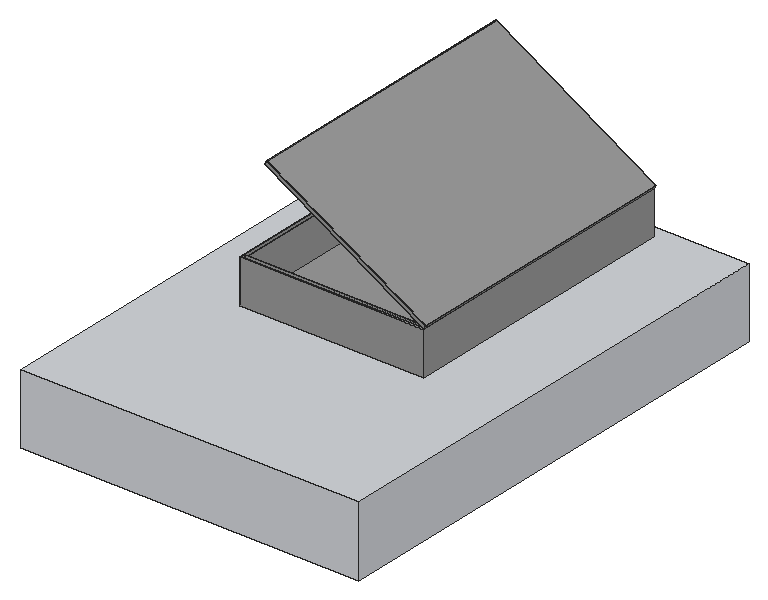
Revit family "Hager-Univers-IP54-D205-H1250-Cl.II-Encl-AT-de", category Equipement électrique, Revit 2020
Family settings
  Hôte = Face
  Configuration du panneau = Deux colonnes, circuits au sein
  Cote de connecteur circulaire = Utiliser le diamètre
  Type d'élément = Tableau de raccordement
  Couper avec des vides une fois chargée = Non
  Partagée = Non
  Point de calcul de pièce = Non
Parameters (values of type "Aufputz IP54 B800 H1250 T205  - FP83SW2")
  Width Control [instance] = if([EF000008 - Breite] > Min Width, [EF000008 - Breite], Min Width)  # 800 mm
  Commentaires du type = [HG000003 - Bereich]  # "Univers"
  Thickness Door [instance] = if([EF009171 - Materialstärke Tür/Deckel] > 3 mm, 3 mm, [EF009171 - Materialstärke Tür/Deckel])  # 1 mm
  Seal Frame Offset [instance] = 17 mm  # constant formula
  Plinth Visibility [instance] = [HG000027 - Sockelhöhe] > 0 mm  # no
  Model = ""
  Min Width [instance] = 100 mm  # constant formula
  Min Height [instance] = 100 mm  # constant formula
  Min Depth [instance] = (2 * [EF009170 - Materialstärke Gehäuse]) + 1 mm  # 3 mm
  Internal Frame Depth [instance] = (Door System Depth * 0.5)  # 9 mm
  Height Control [instance] = if([EF000040 - Höhe] > Min Height, [EF000040 - Höhe], Min Height)  # 1250 mm
  HG000027 - Sockelhöhe = 0 mm
  HG000026 - Stehend auf dem Boden = no
  HG000024 - Höhe des unteren Teils = 800 mm
  HG000023 - Gehäuse mit doppeltem Querschnitt = no
  HG000016 - 3D-Türsichtbarkeit [instance] = yes
  HG000015 - Sichtbarkeit der Türöffnung [instance] = no
  HG000014 - Tür rechts [instance] = yes
  HG000013 - Tür links [instance] = not([HG000014 - Tür rechts])  # no
  HG000012 - Türschwenkwinkel [instance] = 30.00°
  HG000010 - Asymmetrische Türen = no
  HG000009 - Doppelflügeligen Tür = no
  HG000006 - Unterputz = no
  HG000004 - Herstellerreferenz = "FP83SW2"
  HG000003 - Bereich = "Univers"
  HG000002 - Mit tür = yes
  Frame Offset Bottom [instance] = 10 mm  # constant formula
  Frame Offset [instance] = 15 mm  # constant formula
  EF015940 - Deckel mit Überdruckentlastung = no
  EF011959 - Schutzart (NEMA) = ""
  EF009554 - Anzahl der Öffnungen für Flanschplatten = 6
  Fabricant = "Hager"  # constant formula
  EF009212 - Ausführung Deckel = "EV000116 - geschlossen"
  EF009171 - Materialstärke Tür/Deckel = 1 mm
  EF009170 - Materialstärke Gehäuse = 1 mm
  EF008873 - Nennstrom (In) = 250 A
  EF007800 - Geeignet für Blitzschutz = no
  EF006306 - Mit Schloss = no
  EF006244 - Transparenter Deckel/Tür = no
  EF005474 - Schutzart (IP) = "EV006419 - IP54"
  EF004464 - Art der Tür = "EV002646 - Einzel"
  EF004427 - Anzahl der Module = 288
  EF004293 - Schlagfestigkeit = "EV006813 - IK07"
  EF003532 - Geeignet für Außengebrauch = no
  EF002950 - Breite in Teilungseinheiten = 36
  EF001613 - Funktionserhalt = "EV000494 - ohne"
  EF001596 - Werkstoff des Gehäuses = "EV000179 - Stahl"
  EF001131 - Innentiefe = 130 mm
  EF001088 - Anbaumöglichkeit = yes
  EF000437 - Anzahl der Leitungseinführungen = 6
  EF000339 - Art der Abdeckung = "EV004216 - Tür"
  EF000266 - Anzahl der Reihen = 8
  EF000218 - Einbautiefe = 205 mm
  EF000118 - Mit Montageplatte = no
  EF000116 - RAL-Nummer = "9010"
  EF000049 - Tiefe = 205 mm
  EF000040 - Höhe = 1250 mm
  EF000008 - Breite = 800 mm
  EF000007 - Farbe = "EV000202 - weiß"
  EF000003 - Montageart = "EV000384 - Aufputz"
  Door System Leaf Tolerance [instance] = 1.5 mm  # constant formula
  Door System Depth [instance] = 18 mm  # constant formula
  Door Height [instance] = Height Control - [HG000027 - Sockelhöhe]  # 1250 mm
  Depth Control [instance] = if([EF000049 - Tiefe] > Min Depth, [EF000049 - Tiefe], Min Depth)  # 205 mm
  Default Elevation = 0 mm
  Connector Offset [instance] = Height Control / 2  # 625 mm
  Bottom Top Plate Trim [instance] = 1.5 mm  # constant formula
  Plinth height Ctrl [instance] = if([HG000027 - Sockelhöhe] > 0 mm, [HG000027 - Sockelhöhe], 12 mm)  # 12 mm
Types (5, lengths in mm): name | Width Control | HG000010 - Asymmetrische Türen | HG000009 - Doppelflügeligen Tür | HG000004 - Herstellerreferenz | EF009554 - Anzahl der Öffnungen für Flanschplatten | EF004464 - Art der Tür | EF004427 - Anzahl der Module | EF004293 - Schlagfestigkeit | EF002950 - Breite in Teilungseinheiten | EF000437 - Anzahl der Leitungseinführungen | EF000008 - Breite
  Aufputz IP54 B1050 H1250 T205  - FP84SW2 | 1050 | no | yes | "FP84SW2" | 8 | "EV003602 - Doppel" | 384 | "EV006815 - IK09" | 48 | 8 | 1050
  Aufputz IP54 B1300 H1250 T205  - FP85SW2 | 1300 | yes | yes | "FP85SW2" | 10 | "EV003602 - Doppel" | 480 | "EV006815 - IK09" | 60 | 10 | 1300
  Aufputz IP54 B300 H1250 T205  - FP81SW2 | 300 | no | no | "FP81SW2" | 2 | "EV002646 - Einzel" | 96 | "EV006815 - IK09" | 12 | 2 | 300
  Aufputz IP54 B550 H1250 T205  - FP82SW2 | 550 | no | no | "FP82SW2" | 4 | "EV002646 - Einzel" | 192 | "EV006815 - IK09" | 24 | 4 | 550
  Aufputz IP54 B800 H1250 T205  - FP83SW2 | 800 | no | no | "FP83SW2" | 6 | "EV002646 - Einzel" | 288 | "EV006813 - IK07" | 36 | 6 | 800
Reference planes
  plane 1 "Center (Front/Back)": y = 0
  plane 2: z = 0
  plane 3 "Center (Left/Right)": x = 0
  plane 4: z = 205
  plane 5: y = 1
  plane 6: y = 625
  plane 7: y = 0
  plane 8: y = 1250
  plane 9: z = 0
  plane 10: x = -385
  plane 11: x = 385
  plane 12: x = 384
  plane 13: x = -384
  plane 14: y = 1249
  plane 15: x = -383
  plane 16: x = -400
  plane 17: x = 383
  plane 18: x = 400
  plane 19: x = 399
  plane 20: x = -399
  plane 21: y = 11
  plane 22: y = 1250
  plane 23: y = 1234
  plane 24: z = 187
  plane 25: z = 1
  plane 26: z = 186
  plane 27: z = 204
Forms (mm)
  Extrusion 1, solid
    sketch origin (0, 0, 0) x (1, 0, 0) y (0, 1, 0)
      loop
        line (-702.964, 1305) -> (-702.964, -811.445) -> (766.763, -811.445) -> (766.763, 1305) -> (-702.964, 1305)
    from 0 to -304.8
  Extrusion 2, solid, material "Hager_Steel_RAL7035_Light_Grey", visible <- "Plinth Visibility", detail levels medium+fine
    sketch origin (0, 0, 0) x (1, 0, 0) y (0, 1, 0)
      loop
        line (-400, 0) -> (400, 0) -> (400, 12) -> (-400, 12) -> (-400, 0)
    from 0 to 187
  Extrusion 3, solid, material "Hager_Steel_RAL7035_Light_Grey", detail levels medium+fine
    sketch origin (0, 0, 0) x (1, 0, 0) y (0, 1, 0)
      loop
        line (-400, 0) -> (400, 0) -> (400, 1250) -> (-400, 1250) -> (-400, 0)
    from 0 to 187
  Extrusion 4, void
    sketch origin (0, 0, 0) x (1, 0, 0) y (0, 1, 0)
      loop
        line (-399, 1) -> (399, 1) -> (399, 1249) -> (-399, 1249) -> (-399, 1)
    from 1 to 186
  Extrusion 5, void
    sketch origin (-381.607, -4572, 187) x (0, -1, 0) y (-1, 0, 0)
      loop
        line (-4583, 2.393) -> (-5806, 2.393) -> (-5806, -765.607) -> (-4583, -765.607) -> (-4583, 2.393)
    from 0 to 1 <- "EF009170 - Materialstärke Gehäuse"
  Extrusion 6, solid, material "Hager_Steel_RAL7035_Light_Grey", detail levels fine
    sketch origin (0, 0, 187) x (1, 0, 0) y (0, 1, 0)
      loop
        line (-384, 1234) -> (-384, 11) -> (384, 11) -> (384, 1234) -> (-384, 1234)
      loop
        line (-385, 10) -> (385, 10) -> (385, 1235) -> (-385, 1235) -> (-385, 10)
    from 0 to 9 <- "Internal Frame Depth"
  Extrusion 7, solid, material "Hager_Steel_RAL7035_Light_Grey", detail levels coarse
    sketch origin (0, 0, 0) x (1, 0, 0) y (0, 1, 0)
      loop
        line (-400, 0) -> (400, 0) -> (400, 1250) -> (-400, 1250) -> (-400, 0)
    from 0 to 205
  Sweep 8, void
    path in 3D
      loop
        line (-400, 12, 0) -> (400, 12, 0) -> (400, 12, 187) -> (-400, 12, 187) -> (-400, 12, 0)
    profile origin (-400, 12, 93.5) x (-1, 0, 0) y (0, -1, 0)
      loop
        line (0, 0) -> (0, 1.5) -> (-1.5, 1.5)
        arc (-1.5, 1.5) -> (-1.061, 0.439) -> (0, 0) r 1.5
Cuts and joins
  Extrusion 4, Extrusion 5 cuts Extrusion 3
  Sweep 8 cuts Extrusion 2
Lines and regions (mm)
  Masking region 1
    outline origin (0, 0, 0) x (1, 0, 0) y (0, 0, 1)
      loop
        line (-400, 205) -> (-400, 0) -> (400, 0) -> (400, 205) -> (-400, 205)
  Masking region 2, detail levels medium+fine
    outline origin (0, 140, 0) x (0, 1, 0) y (0, 0, 1)
      loop
        line (-140, 0) -> (1110, 0) -> (1110, 187) -> (-140, 187) -> (-140, 0)
  Masking region 3, not visible, detail levels medium+fine
    outline origin (0, 297.922, 0) x (0, 1, 0) y (0, 0, 1)
      loop
        line (338.578, 0) -> (378.578, 0) -> (378.578, 194)
        arc (378.578, 194) -> (375.649, 201.071) -> (368.578, 204) r 10
        line (368.578, 204) -> (338.578, 204) -> (338.578, 0)
  Masking region 4, detail levels coarse
    outline origin (0, 0, 180) x (0, 1, 0) y (0, 0, 1)
      loop
        line (0, -180) -> (1250, -180) -> (1250, 25) -> (0, 25) -> (0, -180)
  Masking region 5, visible <- "Plinth Visibility", detail levels medium+fine
    outline origin (0, 52.24, 12.345) x (0, 0, -1) y (0, 1, 0)
      loop
        line (10.845, -40.24) -> (-173.155, -40.24)
        arc (-173.155, -40.24) -> (-173.594, -41.301) -> (-174.655, -41.74) r 1.5
        line (-174.655, -41.74) -> (-174.655, -52.24) -> (12.345, -52.24) -> (12.345, -41.74)
        arc (12.345, -41.74) -> (11.285, -41.301) -> (10.845, -40.24) r 1.5
  Masking region 6, detail levels medium+fine
    outline origin (-381.607, -4572, 187) x (-1, 0, 0) y (0, -1, 0)
      loop
        line (18.393, -5822) -> (18.393, -4572) -> (-781.607, -4572) -> (-781.607, -5822) -> (18.393, -5822)
  Masking region 7, visible <- "Plinth Visibility", detail levels medium+fine
    outline origin (-381.607, -4727, 187) x (-1, 0, 0) y (0, -1, 0)
      loop
        arc (16.893, -4739) -> (17.332, -4737.939) -> (18.393, -4737.5) r 1.5
        line (18.393, -4737.5) -> (18.393, -4727) -> (-781.607, -4727) -> (-781.607, -4737.5)
        arc (-781.607, -4737.5) -> (-780.546, -4737.939) -> (-780.107, -4739) r 1.5
        line (-780.107, -4739) -> (16.893, -4739)
  Masking region 8, detail levels coarse
    outline origin (-442.548, -4669.526, 187) x (-1, 0, 0) y (0, -1, 0)
      loop
        line (-42.548, -5919.526) -> (-42.548, -4669.526) -> (-842.548, -4669.526) -> (-842.548, -5919.526) -> (-42.548, -5919.526)
  sketch lines
    curve 1: line (-400, 12, 187) -> (-400, 12, 0)
    curve 2: line (400, 12, 187) -> (-400, 12, 187)
    curve 3: line (400, 12, 187) -> (400, 12, 0)
    curve 4: line (-400, 12, 0) -> (400, 12, 0)
Dimensions and locks
  "Depth Control": plane 4 to Extrusion 1
  "HG000027 - Sockelhöhe": plane 1 "Center (Front/Back)" to plane 7
  "EF009170 - Materialstärke Gehäuse": plane 5 to plane 7
  locked: connector elem to plane 3 "Center (Left/Right)"
  equal spacing: plane 8, plane 6, plane 7
  locked: connector elem to plane 6
  "EF009170 - Materialstärke Gehäuse": plane 8 to plane 14
  "EF009170 - Materialstärke Gehäuse": plane 10 to plane 13
  "EF009170 - Materialstärke Gehäuse": plane 12 to plane 11
  "Frame Offset": plane 20 to plane 13
  "Frame Offset": plane 12 to plane 19
  "EF009170 - Materialstärke Gehäuse": plane 16 to plane 20
  "EF009170 - Materialstärke Gehäuse": plane 19 to plane 18
  "Seal Frame Offset": plane 16 to plane 15
  "Seal Frame Offset": plane 17 to plane 18
  "Frame Offset Bottom": plane 21 to plane 5
  "Frame Offset": plane 14 to plane 23
  equal spacing: plane 16, plane 3 "Center (Left/Right)", plane 18
  "Width Control": plane 16 to plane 18
  "EF009170 - Materialstärke Gehäuse": plane 4 to plane 27
  "EF009170 - Materialstärke Gehäuse": plane 24 to plane 26
  "EF009170 - Materialstärke Gehäuse": plane 25 to level
  "Door System Depth": plane 4 to plane 24
  "Height Control": plane 1 "Center (Front/Back)" to Extrusion 7 sketch curve
  "Height Control": Masking region 4 sketch curve to plane 1 "Center (Front/Back)"
  "Height Control": plane 1 "Center (Front/Back)" to plane 22
  "Bottom Top Plate Trim": profile plane to Sweep 8 sketch curve
  "Bottom Top Plate Trim": Sweep 8 sketch curve to profile plane
  "Plinth height Ctrl": plane 1 "Center (Front/Back)" to Extrusion 2 sketch curve
  "Plinth height Ctrl": Masking region 5 sketch curve to plane 1 "Center (Front/Back)"
  "Plinth height Ctrl": plane 1 "Center (Front/Back)" to Masking region 7 sketch curve
  "Thickness Door": Extrusion 6 sketch curve to Extrusion 6 sketch curve  (x3)
  "Thickness Door": cut or joined group of Extrusion 3, Extrusion 4, Extrusion 5 to Extrusion 6 sketch curve
  radius of Masking region 3 sketch curve = 10 mm
  "Bottom Top Plate Trim": radius of Masking region 5 sketch curve  (x2)
  "Bottom Top Plate Trim": radius of Sweep 8 sketch curve
  "Bottom Top Plate Trim": radius of Masking region 7 sketch curve  (x2)
  aligned and locked: plane 2 to Extrusion 1
  aligned and locked: level to Extrusion 1
  aligned and locked: level to Masking region 1 sketch curve
  aligned and locked: Masking region 1 sketch curve to plane 18
  aligned and locked: Masking region 1 sketch curve to plane 16
  aligned and locked: plane 7 to Masking region 2 sketch curve
  aligned and locked: level to Masking region 3 sketch curve
  aligned and locked: Masking region 3 sketch curve to plane 27
  aligned and locked: level to Masking region 2 sketch curve
  aligned and locked: plane 1 "Center (Front/Back)" to Extrusion 2 sketch curve
  aligned and locked: Extrusion 3 sketch curve to plane 7
  aligned and locked: plane 16 to Extrusion 3 sketch curve
  aligned and locked: plane 18 to Extrusion 3 sketch curve
  aligned and locked: plane 20 to Extrusion 4 sketch curve
  aligned and locked: plane 19 to Extrusion 4 sketch curve
  aligned and locked: Extrusion 4 sketch curve to plane 5
  aligned and locked: Extrusion 4 to plane 25
  aligned and locked: plane 26 to Extrusion 4
  aligned and locked: plane 24 to Extrusion 3
  aligned and locked: Extrusion 5 sketch curve to plane 21
  aligned and locked: Extrusion 5 sketch curve to plane 13
  aligned and locked: Extrusion 5 sketch curve to plane 12
  aligned and locked: plane 18 to Extrusion 7 sketch curve
  aligned and locked: plane 1 "Center (Front/Back)" to Extrusion 7 sketch curve
  aligned and locked: plane 16 to Extrusion 7 sketch curve
  aligned and locked: plane 4 to Extrusion 7
  aligned and locked: Extrusion 7 to level
  aligned and locked: level to Masking region 4 sketch curve
  aligned and locked: Masking region 4 sketch curve to plane 1 "Center (Front/Back)"
  aligned and locked: Masking region 4 sketch curve to plane 4
  aligned and locked: nested 1 to level
  aligned and locked: nested 1 to plane 16
  aligned and locked: plane 8 to Extrusion 3 sketch curve
  aligned and locked: plane 23 to Extrusion 5 sketch curve
  aligned and locked: plane 14 to Extrusion 4 sketch curve
  aligned and locked: Masking region 2 sketch curve to plane 8
  aligned and locked: level to Masking region 5 sketch curve
  aligned and locked: plane 16 to Extrusion 2 sketch curve
  aligned and locked: plane 18 to Extrusion 2 sketch curve
  aligned and locked: Masking region 5 sketch curve to plane 24
  aligned and locked: Masking region 2 sketch curve to plane 24
  aligned and locked: plane 24 to Extrusion 2
  aligned and locked: profile plane to Sweep 8 sketch curve  (x2)
  aligned and locked: Masking region 6 sketch curve to plane 18
  aligned and locked: Masking region 6 sketch curve to plane 22
  aligned and locked: Masking region 6 sketch curve to plane 16
  aligned and locked: plane 8 to plane 22
  aligned and locked: Masking region 6 sketch curve to plane 7
  aligned and locked: Masking region 7 sketch curve to plane 16
  aligned and locked: Masking region 7 sketch curve to plane 1 "Center (Front/Back)"
  aligned and locked: Masking region 7 sketch curve to plane 18
  aligned and locked: Masking region 8 sketch curve to plane 1 "Center (Front/Back)"
  aligned and locked: Masking region 8 sketch curve to plane 18
  aligned and locked: Masking region 8 sketch curve to plane 22
  aligned and locked: Masking region 8 sketch curve to plane 16
  aligned and locked: nested 2 to plane 7
  aligned and locked: plane 3 "Center (Left/Right)" to nested 2
  aligned and locked: nested 2 to plane 24
  aligned and locked: Extrusion 6 sketch curve to cut or joined group of Extrusion 3, Extrusion 4, Extrusion 5  (x4)
Automatic sketch dimensions
  Extrusion 1 sketch curve to Extrusion 1 sketch curve = 1469.727 mm
  Extrusion 1 sketch curve to Extrusion 1 sketch curve = 2116.445 mm
  Masking region 1 sketch curve to plane 4 = 0 mm
  plane 6 to Masking region 3 sketch curve = 11.5 mm
  Masking region 3 sketch curve to Masking region 3 sketch curve = 30 mm
  Masking region 5 sketch curve to plane 1 "Center (Front/Back)" = 0 mm
Nested families
  nested 1: "Hager_Enclosure_Symbol" at (-400, 0, 0) x (1, 0, 0) z (0, -1, 0), Height <- "Depth Control", Width <- "Width Control", type "Hager_Enclosure_Symbol"
    with Width_Ctrl 800 mm, Width 800 mm, Height_Ctrl 205 mm, Height 205 mm, A_Width_Int 13.453 mm, A_Width 161.438 mm, A_Height_Ctrl 179.375 mm, A_Height 179.375 mm
  nested 2: "EC000058_Univers_Door" at (0, 0, 187) x (1, 0, 0) z (0, 1, 0), Leaf_Tolerance <- "Door System Leaf Tolerance", Angle <- "HG000012 - Türschwenkwinkel", Door_Depth <- "Door System Depth", Door_Left <- "HG000013 - Tür links", Transparent <- "EF006244 - Transparenter Deckel/Tür", Assymetrical <- "HG000010 - Asymmetrische Türen", Width <- "Width Control", Clearance <- "HG000015 - Sichtbarkeit der Türöffnung", Double <- "HG000009 - Doppelflügeligen Tür", 3d_Door <- "HG000016 - 3D-Türsichtbarkeit", Lock_Visibility <- "EF006306 - Mit Schloss", Width_Ctrl <- "Width Control", Door_Right <- "HG000014 - Tür rechts", Door <- "HG000002 - Mit tür", Height <- "Door Height", Thickness <- "Thickness Door", type "EC000058_Univers_Door", detail levels medium+fine
    with min_wh 3 mm, Width_Ctrl 800 mm, Width 800 mm, Transparent no, Thickness 1 mm, Seal_Material Hager_Rubber, Lock_Visibility no, Lock_Material Hager_Plastic_RAL9005_Jet_Black, Leaf_Width 800 mm, Leaf_Tolerance_External_Sides 0 mm, Leaf_Tolerance 1.5 mm, Leaf_Offset 0 mm, Leaf_Height 1247 mm, Leaf_2_Width 800 mm, Leaf_2_Offset 400 mm, Leaf_1_Width 800 mm, Leaf_1_Offset 400 mm, Height_Ctrl 1250 mm, Height 1250 mm, Glass_Material Hager_Glass, Double_Clearance_Ctrl no, Double no, Door_Right_Ctrl yes, Door_Right yes, Door_Material Hager_Steel_RAL7035_Light_Grey, Door_Left_Ctrl no, Door_Left no, Door_Depth 18 mm, Door yes, Clearance_Material Hager_Clearance, Clearance_Depth 800 mm, Clearance_Ctrl no, Clearance no, Assymetrical no, Angle 30.00°, 3d_Door yes
Connectors
  electrical at (0, 625, 0)
    settings: on plane 9, index 1, voltage 0 V, apparent load 0 VA, apparent load phase1 0 VA, apparent load phase2 0 VA, apparent load phase3 0 VA, power factor 1, load classification "Other", number of poles 1, system type 30, power factor state 1, is connector primary yes, connector utility no, sub classification motor no, connector description ""
Definition of nested family "EC000058_Univers_Door"
  Parameters (values of type "EC000058_Univers_Door")
    min_wh [instance] = (2 * Thickness) + 1 mm  # 11 mm
    Width_Ctrl [instance] = 400 mm
    Width [instance] = 500 mm
    Transparent [instance] = yes
    Thickness [instance] = 5 mm
    Seal_Material [instance] = none
    Lock_Visibility [instance] = yes
    Lock_Material [instance] = none
    Leaf_Width [instance] = if((Width_Ctrl - 2 * Leaf_Tolerance_External_Sides) > 0 mm, (Width_Ctrl - 2 * Leaf_Tolerance_External_Sides), min_wh)  # 400 mm
    Leaf_Tolerance_External_Sides [instance] = 0 mm  # constant formula
    Leaf_Tolerance [instance] = 1.5 mm
    Leaf_Offset [instance] = 0 mm  # constant formula
    Leaf_Height [instance] = if((Height_Ctrl - 2 * Leaf_Tolerance) > 0 mm, (Height_Ctrl - 2 * Leaf_Tolerance), min_wh)  # 497 mm
    Leaf_2_Width [instance] = if(and(and(Double, Assymetrical), Door_Left), (Leaf_Width / 3) - (Leaf_Tolerance / 2), if(and(and(Double, Assymetrical), Door_Right), (Leaf_Width / 3) * 2 - (Leaf_Tolerance / 2), if(and(Double, not(Assymetrical)), (Leaf_Width / 2) - Leaf_Tolerance, Leaf_Width)))  # 400 mm
    Leaf_2_Offset [instance] = if(and(Double, Assymetrical), Leaf_2_Width / 2, if(and(Double, not(Assymetrical)), Leaf_Width / 4, Leaf_Width / 2))  # 200 mm
    Leaf_1_Width [instance] = if(and(and(Double, Assymetrical), Door_Right), (Leaf_Width / 3) - (Leaf_Tolerance / 2), if(and(and(Double, Assymetrical), Door_Left), (Width / 3) * 2 - (Leaf_Tolerance / 2), if(and(Double, not(Assymetrical)), (Leaf_Width / 2) - Leaf_Tolerance, Leaf_Width)))  # 400 mm
    Leaf_1_Offset [instance] = if(and(Double, Assymetrical), Leaf_1_Width / 2, if(and(Double, not(Assymetrical)), Leaf_Width / 4, Leaf_Width / 2))  # 200 mm
    Height_Ctrl [instance] = if(Height > min_wh, Height, min_wh)  # 500 mm
    Height [instance] = 500 mm
    Glass_Material [instance] = none
    Double_Clearance_Ctrl [instance] = and(Double, Clearance)  # no
    Double [instance] = no
    Door_Right_Ctrl [instance] = and(or(Door_Right, Double), Door)  # yes
    Door_Right [instance] = yes
    Door_Material [instance] = none
    Door_Left_Ctrl [instance] = and(or(Door_Left, Double), Door)  # no
    Door_Left [instance] = no
    Door_Depth [instance] = 30 mm
    Door [instance] = yes
    Default Elevation = 1219.2 mm
    Clearance_Material [instance] = none
    Clearance_Depth [instance] = if(Leaf_1_Width > Leaf_2_Width, Leaf_1_Width, Leaf_2_Width)  # 400 mm
    Clearance_Ctrl [instance] = and(not(Double), Clearance)  # yes
    Clearance [instance] = yes
    Assymetrical [instance] = yes
    Angle [instance] = 30.00°
    3d_Door [instance] = yes
  Reference planes
    plane 1 "Center (Front/Back)": y = 0
    plane 2 "Bottom": z = 0
    plane 3 "Center (Left/Right)": x = 0
    plane 4: z = 500
    plane 5: x = -200
    plane 6: x = 200
    plane 7: z = 500
    plane 8: x = -200
    plane 9: z = 0
    plane 10: x = 200
    plane 11: y = 0
    plane 12: z = 1.5
    plane 13: x = -600
    plane 14: y = -400
    plane 15: x = 600
    plane 16: x = 0
    plane 17: x = 0
    plane 18: x = -200
    plane 19: x = 200
    plane 20: z = 498.5
  Forms (mm)
    Extrusion 1, solid, material <- "Clearance_Material", visible <- "Double_Clearance_Ctrl"
      sketch origin (1200, 0, 0) x (1, 0, 0) y (0, 0, -1)
        loop
          line (-1800, -498.5) -> (-600, -498.5) -> (-600, 0) -> (-1800, 0) -> (-1800, -498.5)
      from 0 to -400
  Dimensions and locks
    equal spacing: plane 5, plane 3 "Center (Left/Right)", plane 6
    "Width_Ctrl": plane 5 to plane 6
    "Leaf_Offset": plane 5 to plane 8
    "Leaf_Offset": plane 6 to plane 10
    "Leaf_Offset": plane 9 to level
    "Leaf_Offset": plane 4 to plane 7
    "Height_Ctrl": plane 4 to level
    "Leaf_Tolerance": plane 12 to plane 9
    locked: plane 11 to plane 1 "Center (Front/Back)"
    "Leaf_1_Offset": plane 18 to plane 16
    "Leaf_2_Offset": plane 17 to plane 19
    "Leaf_1_Width": plane 13 to plane 8
    "Leaf_2_Width": plane 10 to plane 15
    "Clearance_Depth": plane 14 to plane 1 "Center (Front/Back)"
    "Leaf_Tolerance_External_Sides": plane 8 to plane 18
    "Leaf_Tolerance_External_Sides": plane 19 to plane 10
    "Leaf_Tolerance": plane 7 to plane 20
    aligned and locked: level to plane 2 "Bottom"
    aligned and locked: nested 1 to plane 16
    aligned and locked: nested 2 to plane 17
    aligned and locked: Extrusion 1 to plane 13
    aligned and locked: plane 15 to Extrusion 1
    aligned and locked: Extrusion 1 to plane 14
    aligned and locked: plane 12 to nested 1
    aligned and locked: nested 2 to plane 12
    aligned and locked: Extrusion 1 to plane 11
    aligned and locked: plane 20 to Extrusion 1
    aligned and locked: nested 2 to plane 11
    aligned and locked: nested 1 to plane 11
  Automatic sketch dimensions
    Extrusion 1 sketch curve to level = 0 mm
    plane 5 to Extrusion 1 sketch curve = 400 mm
    plane 6 to Extrusion 1 sketch curve = 400 mm
    Extrusion 1 sketch curve to plane 4 = 1.5 mm
  Nested families
    nested 1: "EC000058_Univers_Door_Leaf" at (0, 0, 1.5), Width <- "Leaf_1_Width", visible <- "Door_Left_Ctrl", Leaf_Height <- "Leaf_Height", Angle <- "Angle", 3d_Door <- "3d_Door", Transparent <- "Transparent", Clearance Material <- "Clearance_Material", Clearance <- "Clearance_Ctrl", Door_Material <- "Door_Material", Glass_Material <- "Glass_Material", Door_Depth <- "Door_Depth", Lock_Material <- "Lock_Material", Seal_Material <- "Seal_Material", Lock_Visibility <- "Lock_Visibility", Thickness <- "Thickness", type "EC000058_Univers_Door_Leaf"
      with Width 400 mm, Transparent_Glass_Offset 30 mm, Transparent_Ctrl yes, Transparent yes, Thickness 5 mm, Standard no, Seal_Material none, Seal_D2 8 mm, Seal_D1 1 mm, Offset_Internal_Frame 10 mm, Lock_Width 20 mm, Lock_Visibility_3d yes, Lock_Visibility yes, Lock_Thickness_3 3 mm, Lock_Thickness_2 1 mm, Lock_Thickness_1 3 mm, Lock_Radius_Offset_2 16 mm, Lock_Radius_Offset_1 15 mm, Lock_Radius_2 5 mm, Lock_Radius 6 mm, Lock_Offset 5 mm, Lock_Material none, Lock_Height 80 mm, Lock_Cover_Top_Offset_2d 17 mm, Lock_Cover_Height -65 mm, Leaf_Height 497 mm, Internal_Seal_Thickness 8 mm, Internal_Seal_Depth_2 4.5 mm, Internal_Frame_Depth 25 mm, Glass_Thickness -1 mm, Glass_Offset -2 mm, Glass_Material none, Door_Material none, Door_Depth 30 mm, Clearance Material none, Clearance yes, Angle_Ctrl 30.00°, Angle 30.00°, 3d_Door yes
    nested 2: "EC000058_Univers_Door_Leaf" at (0, 0, 1.5) x (-1, 0, 0) z (0, 0, 1), Width <- "Leaf_2_Width", visible <- "Door_Right_Ctrl", Leaf_Height <- "Leaf_Height", Angle <- "Angle", 3d_Door <- "3d_Door", Transparent <- "Transparent", Clearance Material <- "Clearance_Material", Clearance <- "Clearance_Ctrl", Door_Material <- "Door_Material", Glass_Material <- "Glass_Material", Door_Depth <- "Door_Depth", Lock_Material <- "Lock_Material", Seal_Material <- "Seal_Material", Lock_Visibility <- "Lock_Visibility", Thickness <- "Thickness", type "EC000058_Univers_Door_Leaf"
      with Width 400 mm, Transparent_Glass_Offset 30 mm, Transparent_Ctrl yes, Transparent yes, Thickness 5 mm, Standard no, Seal_Material none, Seal_D2 8 mm, Seal_D1 1 mm, Offset_Internal_Frame 10 mm, Lock_Width 20 mm, Lock_Visibility_3d yes, Lock_Visibility yes, Lock_Thickness_3 3 mm, Lock_Thickness_2 1 mm, Lock_Thickness_1 3 mm, Lock_Radius_Offset_2 16 mm, Lock_Radius_Offset_1 15 mm, Lock_Radius_2 5 mm, Lock_Radius 6 mm, Lock_Offset 5 mm, Lock_Material none, Lock_Height 80 mm, Lock_Cover_Top_Offset_2d 17 mm, Lock_Cover_Height -65 mm, Leaf_Height 497 mm, Internal_Seal_Thickness 8 mm, Internal_Seal_Depth_2 4.5 mm, Internal_Frame_Depth 25 mm, Glass_Thickness -1 mm, Glass_Offset -2 mm, Glass_Material none, Door_Material none, Door_Depth 30 mm, Clearance Material none, Clearance yes, Angle_Ctrl 30.00°, Angle 30.00°, 3d_Door yes
  Definition of nested family "EC000058_Univers_Door_Leaf"
    Parameters (values of type "EC000058_Univers_Door_Leaf")
      Width [instance] = 2000 mm
      Transparent_Glass_Offset [instance] = 30 mm
      Transparent_Ctrl [instance] = and(Transparent, [3d_Door])  # yes
      Transparent [instance] = yes
      Thickness [instance] = 5 mm
      Standard [instance] = and(not(Transparent), [3d_Door])  # no
      Seal_Material [instance] = none
      Seal_D2 [instance] = 8 mm  # constant formula
      Seal_D1 [instance] = 1 mm  # constant formula
      Offset_Internal_Frame [instance] = 10 mm  # constant formula
      Lock_Width [instance] = 20 mm  # constant formula
      Lock_Visibility_3d [instance] = and(Lock_Visibility, [3d_Door])  # yes
      Lock_Visibility [instance] = yes
      Lock_Thickness_3 [instance] = 3 mm  # constant formula
      Lock_Thickness_2 [instance] = 1 mm  # constant formula
      Lock_Thickness_1 [instance] = 3 mm  # constant formula
      Lock_Radius_Offset_2 [instance] = Lock_Radius_Offset_1 + 1 mm  # 16 mm
      Lock_Radius_Offset_1 [instance] = 15 mm  # constant formula
      Lock_Radius_2 [instance] = Lock_Radius - 1 mm  # 5 mm
      Lock_Radius [instance] = 6 mm  # constant formula
      Lock_Offset [instance] = 5 mm  # constant formula
      Lock_Material [instance] = none
      Lock_Height [instance] = 80 mm  # constant formula
      Lock_Cover_Top_Offset_2d [instance] = Lock_Radius_Offset_2 + 1 mm  # 17 mm
      Lock_Cover_Height [instance] = -(Lock_Height - Lock_Radius_Offset_1)  # -65 mm
      Leaf_Height [instance] = 2720.336 mm
      Internal_Seal_Thickness [instance] = 8 mm  # constant formula
      Internal_Seal_Depth_2 [instance] = 4.5 mm  # constant formula
      Internal_Frame_Depth [instance] = if(Door_Depth - Thickness > 5 mm, Door_Depth - Thickness, 5 mm)  # 25 mm
      Glass_Thickness [instance] = if(Thickness > 15 mm, Glass_Offset + 10 mm, -1 mm)  # -1 mm
      Glass_Offset [instance] = if(Thickness > 15 mm, -(Thickness + 10 mm) / 2, -2 mm)  # -2 mm
      Glass_Material [instance] = none
      Door_Material [instance] = none
      Door_Depth [instance] = 30 mm
      Default Elevation = 0 mm
      Clearance Material [instance] = none
      Clearance [instance] = yes
      Angle_Ctrl [instance] = if(Angle > 180.00°, 180.00°, Angle)  # 90.00°
      Angle [instance] = 90.00°
      3d_Door [instance] = yes
    Reference planes
      plane 1 "Center (Front/Back)": y = 0
      plane 2: z = 0
      plane 3 "Center (Left/Right)": x = 0
      plane 4: y = 2000
      plane 5: x = -1000
      plane 6: x = 1000
      plane 7: x = -3000
      plane 8: z = 2720.336
      plane 9: z = 30
      plane 10: z = 2690.336
      plane 11: x = 970
      plane 12: x = -970
      plane 13: y = -3
      plane 14: z = 107.833
      plane 15: y = -5
      plane 16: y = -223.314
      plane 17: x = -1000
      plane 18: z = 1360.168
      plane 19: y = 30
    Forms (mm)
      Extrusion 1, solid, material <- "Clearance Material", visible <- "Clearance"
        sketch origin (0, 0, 0) x (1, 0, 0) y (0, 0, 1)
          loop
            line (-3000, 2720.336) -> (-3000, 0) -> (1000, 0) -> (1000, 2720.336) -> (-3000, 2720.336)
        from 0 to -2000
      Extrusion 2, solid, material <- "Door_Material", visible <- "Standard", detail levels medium+fine
        sketch origin (-1000, 0, 0) x (0, 1, 0) y (-1, 0, 0)
          loop
            line (0, 30) -> (0, 25) -> (2000, 25) -> (2000, 30) -> (0, 30)
        from 0 to 2720.336 <- "Leaf_Height"
      Extrusion 3, solid, material <- "Door_Material", visible <- "Transparent_Ctrl", detail levels medium+fine
        sketch origin (-1000, 0, 0) x (0, 1, 0) y (-1, 0, 0)
          loop
            line (0, 25) -> (2000, 25) -> (2000, 30) -> (0, 30) -> (0, 25)
        from 0 to 2720.336 <- "Leaf_Height"
      Extrusion 4, void
        sketch origin (-1025, 2000, 0) x (0, 1, 0) y (0, 0, -1)
          loop
            line (-30, -2690.336) -> (-30, -30) -> (-1970, -30) -> (-1970, -2690.336) -> (-30, -2690.336)
        from 0 to 5 <- "Thickness"
      Sweep 5, solid, material <- "Seal_Material", visible <- "Transparent_Ctrl", detail levels fine
        path in 3D
          loop
            line (-1025, 30, 30) -> (-1025, 30, 2690.336) -> (-1025, 1970, 2690.336) -> (-1025, 1970, 30) -> (-1025, 30, 30)
        profile origin (-1025, 1000, 30) x (1, 0, 0) y (0, 0, 1)
          loop
            line (0, 0) -> (0, -8) -> (1, -8) -> (1, 0) -> (0, 0)
      Extrusion 6, solid, material <- "Glass_Material", visible <- "Transparent_Ctrl", detail levels medium+fine
        sketch origin (-1030, 0, 0) x (0, 1, 0) y (0, 0, -1)
          loop
            line (1970, -2690.336) -> (1970, -30) -> (30, -30) -> (30, -2690.336) -> (1970, -2690.336)
        from -2 <- "Glass_Offset" to -1 <- "Glass_Thickness"
      Extrusion 7, solid, material <- "Door_Material", visible <- "3d_Door", detail levels medium+fine
        sketch origin (-1025, 2000, 0) x (0, -1, 0) y (0, 0, -1)
          loop
            line (0, -2720.336) -> (2000, -2720.336) -> (2000, 0) -> (0, 0) -> (0, -2720.336)
          loop
            line (1995, -5) -> (5, -5) -> (5, -2715.336) -> (1995, -2715.336) -> (1995, -5)
        from 0 to 25 <- "Internal_Frame_Depth"
      Sweep 8, solid, material <- "Seal_Material", visible <- "Transparent_Ctrl", detail levels fine
        path in 3D
          loop
            line (-1025, 0, 0) -> (-1025, 2000, 0) -> (-1025, 2000, 2720.336) -> (-1025, 0, 2720.336) -> (-1025, 0, 0)
        profile origin (-1025, 0, 1360.168) x (1, 0, 0) y (0, 1, 0)
          loop
            line (0, 10) -> (2.975, 10)
            arc (2.975, 10) -> (4.053, 10.447) -> (4.5, 11.525) r 1.525
            line (4.5, 11.525) -> (4.5, 16.527)
            arc (4.5, 16.527) -> (4.069, 17.569) -> (3.027, 18) r 1.473
            line (3.027, 18) -> (0, 18) -> (0, 10)
      Extrusion 9, solid, material <- "Lock_Material", visible <- "Lock_Visibility_3d", detail levels fine
        sketch origin (-1030, 0, 0) x (0, 1, 0) y (0, 0, -1)
          loop
            arc (1993.5, -1400.168) -> (1994.561, -1399.729) -> (1995, -1398.668) r 1.5
            line (1995, -1398.668) -> (1995, -1320.168) -> (1975, -1320.168) -> (1975, -1398.668)
            arc (1975, -1398.668) -> (1975.439, -1399.729) -> (1976.5, -1400.168) r 1.5
            line (1976.5, -1400.168) -> (1993.5, -1400.168)
        from 3 <- "Lock_Thickness_1" to 0
      Blend 10, solid, material <- "Lock_Material", visible <- "Lock_Visibility_3d", detail levels fine
        base sketch origin (-1033, 0, 0) x (0, 1, 0) y (0, 0, -1)
          loop
            line (1975, -1320.168) -> (1975, -1398.668)
            arc (1975, -1398.668) -> (1975.439, -1399.729) -> (1976.5, -1400.168) r 1.5
            line (1976.5, -1400.168) -> (1993.5, -1400.168)
            arc (1993.5, -1400.168) -> (1994.561, -1399.729) -> (1995, -1398.668) r 1.5
            line (1995, -1398.668) -> (1995, -1320.168) -> (1975, -1320.168)
        top sketch origin (-1033, 0, 0) x (0, 1, 0) y (0, 0, -1)
          loop
            line (1976, -1320.168) -> (1976, -1398.668)
            arc (1976, -1398.668) -> (1976.146, -1399.022) -> (1976.5, -1399.168) r 0.5
            line (1976.5, -1399.168) -> (1993.5, -1399.168)
            arc (1993.5, -1399.168) -> (1993.854, -1399.022) -> (1994, -1398.668) r 0.5
            line (1994, -1398.668) -> (1994, -1320.168) -> (1976, -1320.168)
        from 0 to 1 <- "Lock_Thickness_2"
      Blend 11, solid, material <- "Lock_Material", visible <- "Lock_Visibility_3d", detail levels fine
        base sketch origin (-1034, 0, 0) x (0, 1, 0) y (0, 0, -1)
          loop
            line (1978, -1320.168) -> (1978, -1384.168)
            arc (1978, -1384.168) -> (1985, -1391.168) -> (1992, -1384.168) r 7
            line (1992, -1384.168) -> (1992, -1320.168) -> (1978, -1320.168)
        top sketch origin (-1034, 0, 0) x (0, 1, 0) y (0, 0, -1)
          loop
            line (1991, -1320.168) -> (1979, -1320.168) -> (1979, -1383.168)
            arc (1979, -1383.168) -> (1985, -1389.168) -> (1991, -1383.168) r 6
            line (1991, -1383.168) -> (1991, -1320.168)
        from 0 to 3 <- "Lock_Thickness_3"
      Extrusion 12, solid, material <- "Lock_Material", visible <- "Lock_Visibility_3d", detail levels fine
        sketch origin (-1030, 1975, 1320.168) x (1, 0, 0) y (0, -1, 0)
          loop
            line (-7, -19) -> (-7, -1) -> (0, -1) -> (0, 0) -> (-8, 0) -> (-8, -20) -> (0, -20) -> (0, -19) -> (-7, -19)
        from 0 to -65 <- "Lock_Cover_Height"
      Extrusion 13, void
        sketch origin (-1038, 1995, 1320.168) x (-1, 0, 0) y (0, 0, -1)
          loop
            line (-5, -65) -> (0, -65) -> (-5, -60) -> (-5, -65)
        from 0 to 20 <- "Lock_Width"
      Extrusion 14, void
        sketch origin (-1038, 1975, 1320.168) x (0, -1, 0) y (0, 0, -1)
          loop
            circle (-10, -15.995) r 6
          loop
            circle (-10, -15.995) r 5
        from 0 to 2
      Extrusion 15, solid, material <- "Lock_Material", visible <- "Lock_Visibility_3d", detail levels medium
        sketch origin (-1030, 0, 0) x (0, 1, 0) y (0, 0, -1)
          loop
            arc (1993.5, -1400.168) -> (1994.561, -1399.729) -> (1995, -1398.668) r 1.5
            line (1995, -1398.668) -> (1995, -1320.168) -> (1975, -1320.168) -> (1975, -1398.668)
            arc (1975, -1398.668) -> (1975.439, -1399.729) -> (1976.5, -1400.168) r 1.5
            line (1976.5, -1400.168) -> (1993.5, -1400.168)
        from 8 to 0
    Cuts and joins
      Extrusion 4 cuts Extrusion 3
      Extrusion 13, Extrusion 14 cuts Extrusion 9
      Extrusion 14 cuts Blend 11
      Extrusion 13, Extrusion 14 cuts Extrusion 12
      joined: Extrusion 9, Blend 10, Blend 11, Extrusion 12
      Extrusion 14 cuts Extrusion 15
    Lines and regions (mm)
      Masking region 1, visible <- "Lock_Visibility", detail levels fine
        outline origin (0, 0, 0) x (0, 1, 0) y (0, 0, 1)
          loop
            line (30, 1320.168) -> (33, 1320.168) -> (33, 1400.168) -> (30, 1400.168) -> (30, 1320.168)
      Masking region 2, visible <- "Lock_Visibility", detail levels fine
        outline origin (0, 3.143, 0) x (0, 1, 0) y (0, 0, 1)
          loop
            line (29.857, 1354.168) -> (30.857, 1354.168) -> (30.857, 1366.168) -> (29.857, 1366.168) -> (29.857, 1354.168)
      Masking region 3, detail levels medium+fine
        outline origin (0, 0, 0) x (0, 1, 0) y (0, 0, 1)
          loop
            line (0, 0) -> (30, 0) -> (30, 2720.336) -> (0, 2720.336) -> (0, 0)
      Masking region 4, detail levels medium+fine
        outline origin (0, 0, 0) x (1, 0, 0) y (0, 0, 1)
          loop
            line (-1000, 2720.336) -> (-1000, 0) -> (1000, 0) -> (1000, 2720.336) -> (-1000, 2720.336)
      Masking region 5, visible <- "Lock_Visibility", detail levels fine
        outline origin (-47.116, 0, 0) x (1, 0, 0) y (0, 0, 1)
          loop
            arc (1024.616, 1399.168) -> (1023.556, 1398.729) -> (1023.116, 1397.668) r 1.5
            line (1023.116, 1397.668) -> (1023.116, 1320.168) -> (1041.116, 1320.168) -> (1041.116, 1397.668)
            arc (1041.116, 1397.668) -> (1040.677, 1398.729) -> (1039.616, 1399.168) r 1.5
            line (1039.616, 1399.168) -> (1024.616, 1399.168)
      Masking region 6, visible <- "Lock_Visibility", detail levels medium+fine
        outline origin (-25, 0, 0) x (1, 0, 0) y (0, 0, 1)
          loop
            arc (1001.5, 1400.168) -> (1000.439, 1399.729) -> (1000, 1398.668) r 1.5
            line (1000, 1398.668) -> (1000, 1320.168) -> (1020, 1320.168) -> (1020, 1398.668)
            arc (1020, 1398.668) -> (1019.561, 1399.729) -> (1018.5, 1400.168) r 1.5
            line (1018.5, 1400.168) -> (1001.5, 1400.168)
      Masking region 7, visible <- "Lock_Visibility", detail levels fine
        outline origin (-73.735, 0, 0) x (1, 0, 0) y (0, 0, 1)
          loop
            line (1051.735, 1382.168) -> (1065.735, 1382.168) -> (1065.735, 1384.168)
            arc (1065.735, 1384.168) -> (1058.735, 1391.168) -> (1051.735, 1384.168) r 7
            line (1051.735, 1384.168) -> (1051.735, 1382.168)
      Masking region 8, visible <- "Lock_Visibility", detail levels fine
        outline origin (-73.735, 0, 0) x (1, 0, 0) y (0, 0, 1)
          loop
            line (1052.735, 1382.168) -> (1064.735, 1382.168) -> (1064.735, 1383.168)
            arc (1064.735, 1383.168) -> (1058.735, 1389.168) -> (1052.735, 1383.168) r 6
            line (1052.735, 1383.168) -> (1052.735, 1382.168)
      Masking region 9, visible <- "Lock_Visibility", detail levels fine
        outline origin (-25, 0, 0) x (1, 0, 0) y (0, 0, 1)
          loop
            line (1020, 1320.168) -> (1020, 1382.168) -> (1000, 1382.168) -> (1000, 1320.168) -> (1020, 1320.168)
      Masking region 10, detail levels medium+fine
        outline origin (0, 0, 0) x (1, 0, 0) y (0, 0, 1)
          loop
            circle (985, 1335.144) r 6
      Masking region 11, detail levels fine
        outline origin (0, 0, 0) x (1, 0, 0) y (0, 0, 1)
          loop
            circle (985, 1335.144) r 5
      Masking region 12, visible <- "Lock_Visibility", detail levels fine
        outline origin (0, 12.767, 0) x (0, 1, 0) y (0, 0, 1)
          loop
            line (20.233, 1320.168) -> (21.233, 1320.168) -> (21.233, 1399.168) -> (20.233, 1400.168) -> (20.233, 1320.168)
      Masking region 13, visible <- "Lock_Visibility", detail levels fine
        outline origin (0, 13.767, -10) x (0, 1, 0) y (0, 0, 1)
          loop
            line (20.233, 1330.168) -> (23.233, 1330.168) -> (23.233, 1399.168) -> (20.233, 1402.168) -> (20.233, 1330.168)
      Masking region 14, visible <- "Lock_Visibility", detail levels fine
        outline origin (0, 12.767, -10) x (0, 1, 0) y (0, 0, 1)
          loop
            line (20.233, 1330.168) -> (25.233, 1330.168) -> (25.233, 1399.305) -> (20.233, 1394.305) -> (20.233, 1330.168)
      Masking region 15, visible <- "Lock_Visibility", detail levels medium
        outline origin (0, 0, 0) x (0, 1, 0) y (0, 0, 1)
          loop
            line (30, 1320.168) -> (38, 1320.168) -> (38, 1400.168) -> (30, 1400.168) -> (30, 1320.168)
      Masking region 16, visible <- "Lock_Visibility", detail levels fine
        outline origin (-1000, 0, 0) x (0, 1, 0) y (-1, 0, 0)
          loop
            line (1975, 30) -> (1995, 30) -> (1995, 38) -> (1975, 38) -> (1975, 30)
          loop
            line (1979, 37) -> (1976, 37) -> (1976, 34) -> (1978, 34) -> (1979, 37)
          loop
            line (1994, 37) -> (1991, 37) -> (1992, 34) -> (1994, 34) -> (1994, 37)
      Masking region 17, visible <- "Lock_Visibility", detail levels medium
        outline origin (-1000, 0, 0) x (0, 1, 0) y (-1, 0, 0)
          loop
            line (1975, 30) -> (1995, 30) -> (1995, 38) -> (1975, 38) -> (1975, 30)
      symbolic lines
        curve 1: line (1000, 0, 0) -> (-3000, 0, 0)
        curve 2: arc (1000, 0, 0) -> (-1000, 2000, 0) -> (-3000, 0, 0) r 2000
        curve 4: line (-1030, 0, 0) -> (-1030, 2000, 0)
      reference lines
        curve 3: line (-1000, 0, 0) -> (-1000, 2000, 0)
      symbolic lines, detail levels medium+fine
        curve 5: line (-1030, 2000, 0) -> (-1025, 2000, 0)
        curve 7: line (-1025, 0, 0) -> (-1030, 0, 0)
        curve 8: line (-1025, 0, 0) -> (-1000, 0, 0)
        curve 9: line (-1000, 0, 0) -> (-1000, 2000, 0)
        curve 10: line (-1000, 2000, 0) -> (-1025, 2000, 0)
      symbolic lines, detail levels fine
        curve 6: line (-1025, 2000, 0) -> (-1025, 0, 0)
      sketch lines
        curve 11: line (-1025, 0, 2720.336) -> (-1025, 0, 0)
        curve 12: line (-1025, 2000, 0) -> (-1025, 0, 0)
        curve 13: line (-1025, 2000, 2720.336) -> (-1025, 2000, 0)
        curve 14: line (-1025, 0, 2720.336) -> (-1025, 2000, 2720.336)
        curve 15: line (-1025, 1970, 30) -> (-1025, 30, 30)
        curve 16: line (-1025, 30, 30) -> (-1025, 30, 2690.336)
        curve 17: line (-1025, 1970, 2690.336) -> (-1025, 1970, 30)
        curve 18: line (-1025, 30, 2690.336) -> (-1025, 1970, 2690.336)
      symbolic lines, visible <- "Transparent", detail levels medium+fine
        curve 19: line (-970, 0, 2690.336) -> (970, 0, 2690.336)
        curve 20: line (-970, 0, 30) -> (-970, 0, 2690.336)
        curve 21: line (970, 0, 30) -> (-970, 0, 30)
        curve 22: line (970, 0, 2690.336) -> (970, 0, 30)
    Dimensions and locks
      "Width": plane 1 "Center (Front/Back)" to plane 4
      equal spacing: plane 5, plane 3 "Center (Left/Right)", plane 6
      "Width": plane 5 to plane 6
      "Width": plane 7 to plane 5
      "Leaf_Height": plane 8 to level
      "Width": curve 5 to curve 3
      "Width": curve 3 to curve 3
      plane 8 to plane 10 = 30 mm
      plane 9 to level = 30 mm
      plane 12 to plane 5 = 30 mm
      plane 6 to plane 11 = 30 mm
      Extrusion 1 to Extrusion 4 sketch curve = 30 mm
      "Transparent_Glass_Offset": curve 3 to Extrusion 4 sketch curve
      "Transparent_Glass_Offset": Extrusion 4 sketch curve to cut or joined group of Extrusion 3, Extrusion 4  (x2)
      cut or joined group of Extrusion 3, Extrusion 4 to Extrusion 6 sketch curve = 30 mm
      "Transparent_Glass_Offset": cut or joined group of Extrusion 3, Extrusion 4 to Extrusion 4 sketch curve
      "Thickness": curve 6 to curve 4
      "Thickness": Extrusion 7 sketch curve to Extrusion 7 sketch curve  (x4)
      "Door_Depth": curve 4 to curve 3
      "Offset_Internal_Frame": profile plane to Sweep 8 sketch curve
      "Internal_Seal_Thickness": Sweep 8 sketch curve to Sweep 8 sketch curve
      "Internal_Seal_Depth_2": profile plane to Sweep 8 sketch curve
      "Seal_D1": profile plane to Sweep 5 sketch curve
      "Seal_D2": profile plane to Sweep 5 sketch curve
      "Thickness": Extrusion 2 sketch curve to Extrusion 2 sketch curve
      equal spacing: Extrusion 9 sketch curve, plane 18, Extrusion 9 sketch curve  (x2)
      equal spacing: Masking region 1 sketch curve, plane 18, Masking region 1 sketch curve
      "Lock_Height": Masking region 1 sketch curve to Masking region 1 sketch curve
      "Lock_Radius": Masking region 2 sketch curve to plane 18 to Masking region 2 sketch curve
      Masking region 2 sketch curve to Masking region 1 = 1 mm
      "Door_Depth": plane 19 to plane 1 "Center (Front/Back)"
      "Lock_Thickness_1": Masking region 1 sketch curve to plane 19
      "Lock_Width": Extrusion 9 sketch curve to Extrusion 9 sketch curve
      "Lock_Height": Extrusion 9 sketch curve to Extrusion 9 sketch curve
      "Lock_Offset": cut or joined group of Extrusion 3, Extrusion 4 to Extrusion 9 sketch curve
      equal spacing: plane 8, plane 18, level
      "Lock_Radius_Offset_1": Blend 11 sketch curve to Blend 10
      locked: Blend 10 to Blend 11 sketch curve at 2  (x2)
      locked: var sketch to Blend 11 sketch curve at 1  (x2)
      "Lock_Radius_Offset_2": Blend 11 sketch curve to Blend 10
      locked: Extrusion 12 sketch curve to Extrusion 12 sketch curve at 1  (x3)
      Masking region 6 sketch curve to Masking region 6 sketch curve = 80 mm
      "Lock_Height": Masking region 6 sketch curve to Masking region 6 sketch curve
      "Lock_Width": Masking region 6 sketch curve to Masking region 6 sketch curve
      locked: Masking region 6 to Masking region 5 sketch curve at 1  (x3)
      locked: Masking region 5 to Masking region 7 sketch curve at 2  (x2)
      "Lock_Radius_Offset_1": Masking region 5 to Masking region 7 sketch curve
      "Lock_Radius_Offset_2": Masking region 5 to Masking region 8 sketch curve
      locked: Masking region 7 to Masking region 8 sketch curve at 1  (x2)
      "Lock_Cover_Top_Offset_2d": Masking region 5 to Masking region 9 sketch curve
      equal spacing: Masking region 9, Masking region 10 sketch curve, Masking region 9
      equal spacing: Masking region 9, Masking region 11 sketch curve, Masking region 9
      Extrusion 15 sketch curve to Extrusion 15 sketch curve = 80 mm
      "Lock_Width": Extrusion 15 sketch curve to Extrusion 15 sketch curve
      "Lock_Height": Extrusion 15 sketch curve to Extrusion 15 sketch curve
      equal spacing: Extrusion 15 sketch curve, plane 18, Extrusion 15 sketch curve
      "Lock_Thickness_3": Masking region 13 sketch curve to Masking region 13 sketch curve
      "Lock_Height": Masking region 12 sketch curve to Masking region 12 sketch curve
      locked: Masking region 13 sketch curve to Masking region 1 at 8
      locked: Masking region 14 sketch curve to Masking region 13 at 1
      locked: Masking region 14 sketch curve to Masking region 1 at 10.863
      "Lock_Height": Masking region 15 sketch curve to Masking region 15 sketch curve
      "Lock_Offset": Extrusion 15 sketch curve to cut or joined group of Extrusion 3, Extrusion 4
      "Lock_Offset": plane 6 to Masking region 6 sketch curve
      radius of Sweep 8 sketch curve = 1.525 mm
      radius of Sweep 8 sketch curve = 1.473 mm
      radius of Extrusion 9 sketch curve = 1.5 mm  (x2)
      "Lock_Radius": radius of Extrusion 14 sketch curve
      "Lock_Radius_2": radius of Extrusion 14 sketch curve
      "Lock_Radius": radius of Masking region 10 sketch curve
      "Lock_Radius_2": radius of Masking region 11 sketch curve
      radius of Extrusion 15 sketch curve = 1.5 mm  (x2)
      "Angle_Ctrl": angle plane 1 "Center (Front/Back)" to curve 3
      locked: Masking region 12 sketch curve to Masking region 12 sketch curve (angle 45.00°)
      locked: Masking region 13 sketch curve to Masking region 13 sketch curve (angle 45.00°)
      locked: Masking region 14 sketch curve to Masking region 14 sketch curve (angle 45.00°)
      aligned and locked: level to plane 2
      aligned and locked: Extrusion 1 to curve 1
      aligned and locked: plane 6 to Extrusion 1
      aligned and locked: Extrusion 1 to plane 1 "Center (Front/Back)"
      aligned and locked: plane 4 to Extrusion 1
      aligned and locked: plane 8 to Extrusion 1
      aligned and locked: curve 7 to Extrusion 2 sketch curve
      aligned and locked: curve 5 to Extrusion 2 sketch curve
      aligned and locked: curve 7 to Extrusion 3 sketch curve
      aligned and locked: Extrusion 3 sketch curve to curve 4
      aligned and locked: Extrusion 3 sketch curve to curve 6
      aligned and locked: Extrusion 3 sketch curve to curve 5
      aligned and locked: curve 9 to curve 3
      aligned and locked: Extrusion 7 sketch curve to cut or joined group of Extrusion 3, Extrusion 4  (x4)
      aligned and locked: plane 17 to curve 3
      aligned and locked: plane 1 "Center (Front/Back)" to curve 3
      aligned and locked: plane 17 to plane 5
      aligned and locked: Sweep 8 sketch curve to profile plane
      aligned and locked: Sweep 5 sketch curve to profile plane  (x2)
      aligned and locked: Masking region 1 to Masking region 2 sketch curve
      aligned and locked: plane 19 to Masking region 1 sketch curve
      aligned and locked: plane 1 "Center (Front/Back)" to Masking region 3 sketch curve
      aligned and locked: plane 19 to Masking region 3 sketch curve
      aligned and locked: level to Masking region 3 sketch curve
      aligned and locked: Masking region 3 sketch curve to plane 8
      aligned and locked: plane 17 to Masking region 4 sketch curve
      aligned and locked: level to Masking region 4 sketch curve
      aligned and locked: Masking region 4 sketch curve to plane 8
      aligned and locked: plane 12 to curve 20
      aligned and locked: plane 10 to curve 19
      aligned and locked: plane 11 to curve 22
      aligned and locked: curve 21 to plane 9
      aligned and locked: Extrusion 2 sketch curve to cut or joined group of Extrusion 3, Extrusion 4
      aligned and locked: Blend 10 sketch curve to Extrusion 9  (x4)
      aligned and locked: Extrusion 9 to Blend 10 sketch curve
      aligned and locked: Blend 10 to Blend 11 sketch curve
      aligned and locked: Extrusion 12 sketch curve to Blend 11
      aligned and locked: Extrusion 12 sketch curve to Extrusion 9  (x4)
      aligned and locked: Masking region 5 sketch curve to Masking region 6
      aligned and locked: Masking region 9 sketch curve to Masking region 6  (x3)
      aligned and locked: Masking region 12 sketch curve to Masking region 1
      aligned and locked: Masking region 13 sketch curve to Masking region 1
      aligned and locked: Masking region 12 to Masking region 14
      aligned and locked: Masking region 14 sketch curve to Masking region 1
      aligned and locked: Masking region 15 sketch curve to Masking region 14
      aligned and locked: Masking region 13 sketch curve to Masking region 12
      aligned and locked: Masking region 16 sketch curve to cut or joined group of Extrusion 14, Extrusion 15  (x4)
      aligned and locked: Masking region 16 sketch curve to cut or joined group of Extrusion 9, Blend 10, Blend 11, Extrusion 12, Extrusion 13, Extrusion 14  (x6)
      aligned and locked: cut or joined group of Extrusion 9, Blend 10, Blend 11, Extrusion 12, Extrusion 13, Extrusion 14 to Masking region 16 sketch curve
      aligned and locked: Masking region 17 sketch curve to cut or joined group of Extrusion 14, Extrusion 15  (x3)
      aligned and locked: Masking region 17 sketch curve to cut or joined group of Extrusion 9, Blend 10, Blend 11, Extrusion 12, Extrusion 13, Extrusion 14
      aligned and locked: Masking region 9 to Masking region 8 sketch curve
      aligned and locked: Masking region 9 to Masking region 7 sketch curve
    Automatic sketch dimensions
      plane 1 "Center (Front/Back)" to curve 2 = 0 mm
      curve 2 to plane 5 = 0 mm
      Extrusion 1 sketch curve to level = 0 mm
      Extrusion 1 sketch curve to plane 7 = 0 mm
      Extrusion 1 sketch curve to plane 6 = 0 mm
      Extrusion 1 sketch curve to plane 8 = 0 mm
      Extrusion 3 to Extrusion 6 sketch curve = 30 mm  (x4)
      Masking region 4 sketch curve to plane 6 = 0 mm
      Blend 10 sketch curve to Extrusion 9 = 1.5 mm
      Blend 10 sketch curve to Extrusion 9 = 1 mm
      Extrusion 13 sketch curve to Extrusion 12 = 0 mm  (x2)
      Extrusion 12 to Extrusion 13 sketch curve = 3 mm
      Extrusion 13 sketch curve to Extrusion 12 = 5 mm
      Extrusion 14 sketch curve to Extrusion 14 sketch curve = 0 mm  (x2)
      Extrusion 14 sketch curve to Extrusion 12 = 10 mm
      Extrusion 14 sketch curve to Extrusion 12 = 15.995 mm
      Masking region 5 sketch curve to Masking region 5 sketch curve = 1.5 mm  (x2)
      Masking region 10 sketch curve to plane 18 = 25.024 mm
      Masking region 11 sketch curve to plane 18 = 25.024 mm
      plane 19 to Masking region 14 sketch curve = 3 mm
      Masking region 16 sketch curve to Masking region 16 sketch curve = 3 mm
      curve 4 to curve 3 = 0 mm
      Blend 10 to Blend 11 sketch curve = 0 mm
      Masking region 6 sketch curve to Masking region 6 sketch curve = 1.5 mm  (x2)
      Masking region 6 sketch curve to plane 18 = 40 mm
      plane 19 to Masking region 12 sketch curve = 3 mm
      Masking region 12 sketch curve to Masking region 12 sketch curve = 1 mm
      Masking region 15 sketch curve to plane 19 = 0 mm
      Masking region 15 sketch curve to plane 18 = 40 mm
      radius of Blend 10 sketch curve to Extrusion 9 = 1 mm
Definition of nested family "Hager_Enclosure_Symbol"
  Parameters (values of type "Hager_Enclosure_Symbol")
    Width_Ctrl [instance] = if(Width > 1 mm, Width, 1 mm)  # 102.27 mm
    Width [instance] = 102.27 mm
    Height_Ctrl [instance] = if(Height > 1 mm, Height, 1 mm)  # 66.5 mm
    A_Width_Int [instance] = if(A_Width / 12 > 2 mm, A_Width / 12, 2 mm)  # 4.364 mm
    A_Width [instance] = if(A_Height_Ctrl * 0.9 > 2 mm, A_Height_Ctrl * 0.9, 2 mm)  # 52.369 mm
    A_Height_Ctrl [instance] = if(A_Height > 2 mm, A_Height, 2 mm)  # 58.188 mm
    Height [instance] = 66.5 mm
    A_Height [instance] = Height - (Height / 8)  # 58.188 mm
  Reference planes
    plane 1 "Centre (avant/arrière)": y = 0
    plane 2: z = 0
    plane 3 "Centre (gauche/droite)": x = 0
    plane 4: x = 52.369
    plane 5: y = 33.042
    plane 6: y = 41.77
    plane 7: y = 66.5
    plane 8: x = 26.184
    plane 9: y = 37.406
    plane 10: x = 102.27
    plane 11: y = 66.5
    plane 12: y = 8.313
  Lines and regions (mm)
    Filled region 1, type "Solid_Black", in view "Niveau de réf."
      outline origin (0, 0, 0) x (1, 0, 0) y (0, 1, 0)
        loop
          line (52.369, 66.5) -> (33.188, 54.536) -> (45.365, 45.006) -> (52.369, 66.5)
    Filled region 2, type "Solid_Black", in view "Niveau de réf."
      outline origin (0, 0, 0) x (1, 0, 0) y (0, 1, 0)
        loop
          line (0, 0) -> (102.27, 0) -> (102.27, 66.5) -> (0, 0)
    detail lines, in view "Niveau de réf."
      curve 1: line (0, 8.313, 0) -> (26.184, 41.77, 0)
      curve 2: line (26.184, 41.77, 0) -> (26.184, 33.042, 0)
      curve 3: line (26.184, 33.042, 0) -> (52.369, 66.5, 0)
  Dimensions and locks
    "A_Width": plane 3 "Centre (gauche/droite)" to plane 4
    equal spacing: plane 3 "Centre (gauche/droite)", plane 8, plane 4
    equal spacing: plane 6, plane 9, plane 5
    equal spacing: curve 3, Filled region 1 sketch curve, Filled region 1 sketch curve
    "Height_Ctrl": plane 1 "Centre (avant/arrière)" to plane 11
    "A_Height_Ctrl": plane 11 to plane 12
    equal spacing: plane 11, plane 9, plane 12
    "A_Width_Int": plane 6 to plane 9
    "Width_Ctrl": plane 3 "Centre (gauche/droite)" to plane 10
    angle Filled region 1 sketch curve to curve 3 = 20.00°
    angle curve 3 to Filled region 1 sketch curve = 20.00°
    locked: curve 3 to Filled region 1 sketch curve (angle 90.00°)
    aligned and locked: plane 10 to Filled region 2
    aligned and locked: plane 11 to Filled region 2 sketch curve
    aligned and locked: plane 10 to Filled region 2 sketch curve
    aligned and locked: plane 3 "Centre (gauche/droite)" to curve 1
    aligned and locked: plane 12 to curve 1
    aligned and locked: plane 7 to plane 11
  Automatic sketch dimensions
    Filled region 1 sketch curve to plane 4 = 0 mm
    Filled region 1 sketch curve to plane 7 = 0 mm
    plane 1 "Centre (avant/arrière)" to Filled region 2 sketch curve = 0 mm
    Filled region 2 sketch curve to plane 3 "Centre (gauche/droite)" = 0 mm
    curve 2 to plane 6 = 0 mm
    curve 2 to plane 8 = 0 mm
    curve 3 to plane 4 = 0 mm
    curve 2 to plane 5 = 0 mm
    curve 3 to plane 7 = 0 mm
